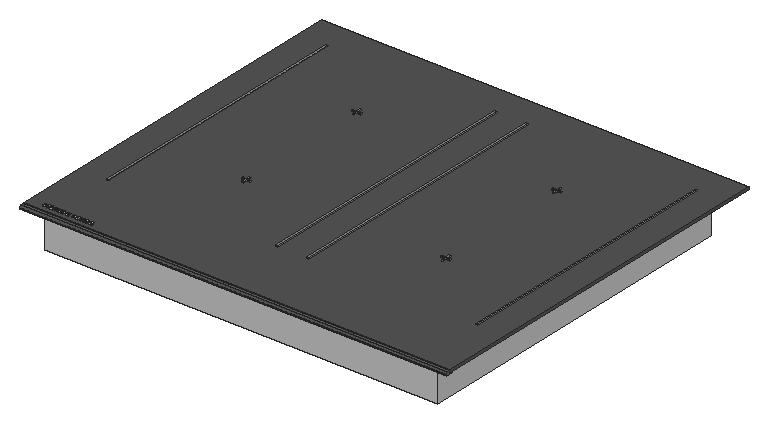
Revit family "FP_Revit_18_CI604DTB4_Cooktop_90000849B", category Specialty Equipment, Revit 2018
Family settings
  Round Connector Dimension = Use Diameter
  Part Type = Normal
  OmniClass Number = 23.40.40.14.17.11
  OmniClass Title = Cookers, Ovens, Stoves
  Work Plane-Based = No
  Always vertical = Yes
  Cut with Voids When Loaded = Yes
  Shared = No
  Room Calculation Point = No
Parameters
  Visibility - Clearance Required = yes
  URL = "www.fisherpaykel.com"
  Product - Width = 599 mm  # constant formula
  Product - Height = 54 mm  # constant formula
  Product - Depth = 530 mm  # constant formula
  Model = "CI604DTB4"
  Material - Trim = Fisher & Paykel - Aluminium, Dark
  Material - Graphics = Fisher & Paykel - Graphics Grey
  Material - Cooktop = Fisher & Paykel - Glass, Black
  Material - Body = Fisher & Paykel - Grey
  Manufacturer = "Fisher & Paykel Appliances"
  FFL Offset [instance] = 900 mm
  Description = "60cm Induction Cooktop"
  Connector Note - Electrical = "220-240 V 2N, 380-415 V 2N, 32 A, 50 Hz"
  Clearance - Side of cooktop to nearest Combustible Surface = 10.5 mm  # constant formula
  Clearance - Rear of cooktop to nearest Combustible Surface = 8 mm  # constant formula
  Clearance - Overhead Rangehood = 650 mm  # constant formula
  Clearance - Below = 65 mm  # constant formula
  Chassis - Width = 552 mm  # constant formula
  Chassis - Height = 49 mm  # constant formula
  Chassis - Depth = 480 mm  # constant formula
  Cavity - Width = 560 mm  # constant formula
  Cavity - Height = 65 mm  # constant formula
  Cavity - Depth = 490 mm  # constant formula
Reference planes
  plane 1 "Datum": y = 0
  plane 2: z = 0
  plane 3 "Center (Left/Right)": x = 0
  plane 4 "Product LHS": x = -299.5
  plane 5 "Product RHS": x = 299.5
  plane 6 "Product - Depth": y = 530
  plane 7 "Cavity LHS": x = -280
  plane 8 "Cavity RHS": x = 280
  plane 9 "Cavity - Depth": y = 498.7
  plane 10 "Chassis Front": y = 13.2
  plane 11 "Chassis - Depth": y = 493.2
  plane 12 "Basepan": z = 851
  plane 13 "Benchtop": z = 900
  plane 14 "Glass": z = 905
  plane 15 "Cavity - Front": y = 8.7
Forms (mm)
  Extrusion 1, solid, material "Fisher & Paykel - Glass, Black" <- "Material - Cooktop"
    sketch origin (0, 0, 0) x (0, 1, 0) y (0, 0, 1)
      loop
        line (5.299, 905) -> (5.299, 901) -> (530, 901) -> (530, 905) -> (5.299, 905)
    from -299.5 to 299.5
  Extrusion 2, solid, material "Fisher & Paykel - Aluminium, Dark" <- "Material - Trim", detail levels fine
    sketch origin (0, 0, 0) x (0, 1, 0) y (0, 0, 1)
      loop
        line (5.299, 905) -> (0.45, 905) -> (0, 901.5) -> (0, 900) -> (8.39, 900) -> (8.39, 901) -> (5.299, 901) -> (5.299, 905)
    from -299.5 to 299.5
  Extrusion 3, solid, material "Fisher & Paykel - Clearance Required (Cutout)", visible <- "Visibility - Clearance Required", detail levels coarse
    sketch origin (0, 24.768, 0) x (1, 0, 0) y (0, 1, 0)
      loop
        line (-280, 473.932) -> (-280, -16.068) -> (280, -16.068) -> (280, 473.932) -> (-280, 473.932)
    from 835 to 900
  Extrusion 4, solid, material "Fisher & Paykel - Aluminium, Dark" <- "Material - Trim", detail levels coarse+medium
    sketch origin (0, 0, 0) x (0, 1, 0) y (0, 0, 1)
      loop
        line (5.299, 905) -> (0, 905) -> (0, 900) -> (5.299, 900) -> (5.299, 905)
    from -299.5 to 299.5
  Extrusion 5, solid, material "Fisher & Paykel - Clearance Required (Combustible)", visible <- "Visibility - Clearance Required", detail levels coarse
    sketch origin (0, 1.5, 0) x (1, 0, 0) y (0, 1, 0)
      loop
        line (-310, -1.5) -> (-299.5, -1.5) -> (-299.5, 528.5) -> (299.5, 528.5) -> (299.5, -1.5) -> (310, -1.5) -> (310, 536.2) -> (-310, 536.2) -> (-310, -1.5)
    from 905 to 1555
  Extrusion 6, solid, material "Fisher & Paykel - Grey" <- "Material - Body"
    sketch origin (0, 0, 0) x (0, 1, 0) y (0, 0, 1)
      loop
        line (493.2, 851) -> (493.2, 900) -> (13.2, 900) -> (13.2, 851) -> (493.2, 851)
    from -276 to 276
  Extrusion 7, solid, material "Fisher & Paykel - Grey" <- "Material - Body"
    sketch origin (-151, 0, 0) x (1, 0, 0) y (0, 1, 0)
      loop
        line (-132, 520.2) -> (-132, 8.39) -> (434, 8.39) -> (434, 520.2) -> (-132, 520.2)
    from 900 to 901
  Extrusion 8, solid, material "Fisher & Paykel - Graphics Grey" <- "Material - Graphics", detail levels fine
    sketch origin (0, 0, 0) x (1, 0, 0) y (0, 1, 0)
      loop
        line (-260.343, 487.587) -> (-260.343, 103.669) -> (-258.143, 103.669) -> (-258.143, 487.587) -> (-260.343, 487.587)
      loop
        line (257.988, 487.856) -> (257.988, 103.669) -> (260.188, 103.669) -> (260.188, 487.856) -> (257.988, 487.856)
      loop
        line (22.728, 103.669) -> (22.728, 487.856) -> (20.728, 487.856) -> (20.728, 103.669) -> (22.728, 103.669)
      loop
        line (-20.643, 487.856) -> (-22.842, 487.856) -> (-22.842, 103.669) -> (-20.643, 103.669) -> (-20.643, 487.856)
      loop
        line (-141.406, 398.249) -> (-141.406, 393.083) -> (-146.572, 393.083) -> (-146.572, 391.115) -> (-141.406, 391.115) -> (-141.406, 385.949) -> (-139.438, 385.949) -> (-139.438, 391.115) -> (-134.272, 391.115) -> (-134.272, 393.083) -> (-139.438, 393.083) -> (-139.438, 398.249) -> (-141.406, 398.249)
      loop
        line (-141.406, 204.234) -> (-141.406, 199.068) -> (-146.572, 199.068) -> (-146.572, 197.1) -> (-141.406, 197.1) -> (-141.406, 191.934) -> (-139.438, 191.934) -> (-139.438, 197.1) -> (-134.272, 197.1) -> (-134.272, 199.068) -> (-139.438, 199.068) -> (-139.438, 204.234) -> (-141.406, 204.234)
      loop
        line (141.406, 398.249) -> (139.438, 398.249) -> (139.438, 393.083) -> (134.272, 393.083) -> (134.272, 391.115) -> (139.438, 391.115) -> (139.438, 385.949) -> (141.406, 385.949) -> (141.406, 391.115) -> (146.572, 391.115) -> (146.572, 393.083) -> (141.406, 393.083) -> (141.406, 398.249)
      loop
        line (141.406, 204.234) -> (139.438, 204.234) -> (139.438, 199.068) -> (134.272, 199.068) -> (134.272, 197.1) -> (139.438, 197.1) -> (139.438, 191.934) -> (141.406, 191.934) -> (141.406, 197.1) -> (146.572, 197.1) -> (146.572, 199.068) -> (141.406, 199.068) -> (141.406, 204.234)
    from 905 to 906
  Extrusion 9, solid, material "Fisher & Paykel - Grey" <- "Material - Body", detail levels fine
    sketch origin (0, 0, 0) x (1, 0, 0) y (0, 1, 0)
      loop
        circle (0, 473.2) r 5
    from 845 to 851
  Extrusion 10, void
    sketch origin (0, 24.768, 0) x (1, 0, 0) y (0, 1, 0)
      loop
        line (-280, 473.932) -> (-280, -16.068) -> (280, -16.068) -> (280, 473.932) -> (-280, 473.932)
    from 835 to 900
  Extrusion 11, solid, material "Fisher & Paykel - Clearance Required (Rangehood)", visible <- "Visibility - Clearance Required", detail levels coarse
    sketch origin (0, 0, 0) x (1, 0, 0) y (0, 1, 0)
      loop
        line (-299.5, 0) -> (299.5, 0) -> (299.5, 530) -> (-299.5, 530) -> (-299.5, 0)
    from 905 to 1555
Text (mm)
  text "Due to ongoing product development, product details are subject to change without notice. \nPlease always refer to www.fisherpaykel.com for the most current product information. \n© Fisher & Paykel 2020" at (41.04, -102.478, 0), in view "Ref. Level (Plan)"
Dimensions and locks
  equal spacing: plane 4 "Product LHS", plane 3 "Center (Left/Right)", plane 5 "Product RHS"
  "Product - Width": plane 4 "Product LHS" to plane 5 "Product RHS"
  equal spacing: plane 7 "Cavity LHS", plane 3 "Center (Left/Right)", plane 8 "Cavity RHS"
  "Cavity - Width": plane 7 "Cavity LHS" to plane 8 "Cavity RHS"
  "Product - Depth": Extrusion 1 to plane 1 "Datum"
  equal spacing: Extrusion 6, plane 3 "Center (Left/Right)", Extrusion 6
  "Chassis - Width": Extrusion 6 to Extrusion 6
  equal spacing: Extrusion 7, plane 3 "Center (Left/Right)", Extrusion 7
  locked: plane 1 "Datum" to plane 10 "Chassis Front" at 13.2
  "Chassis - Depth": plane 11 "Chassis - Depth" to plane 10 "Chassis Front"
  locked: plane 14 "Glass" to plane 13 "Benchtop" at 5
  "Chassis - Height": plane 13 "Benchtop" to plane 12 "Basepan"
  "FFL Offset": plane 13 "Benchtop" to level
  locked: plane 14 "Glass" to Extrusion 1 sketch curve at 4
  "Clearance - Below": plane 13 "Benchtop" to Extrusion 3
  locked: plane 13 "Benchtop" to Extrusion 9 at 55
  locked: Extrusion 8 to plane 14 "Glass" at 1
  locked: nested 1 to plane 14 "Glass" at 0.8
  "Clearance - Overhead Rangehood": Extrusion 5 to plane 14 "Glass"
  locked: plane 1 "Datum" to plane 15 "Cavity - Front" at 8.7
  "Cavity - Depth": plane 9 "Cavity - Depth" to plane 15 "Cavity - Front"
  Extrusion 5 to plane 6 "Product - Depth" = 7.7 mm
  "Clearance - Side of cooktop to nearest Combustible Surface": Extrusion 5 to plane 4 "Product LHS"
  "Clearance - Side of cooktop to nearest Combustible Surface": plane 5 "Product RHS" to Extrusion 5
  aligned and locked: level to plane 2
  aligned and locked: Extrusion 1 to plane 5 "Product RHS"
  aligned and locked: plane 4 "Product LHS" to Extrusion 1
  aligned and locked: Extrusion 2 to plane 5 "Product RHS"
  aligned and locked: plane 4 "Product LHS" to Extrusion 4
  aligned and locked: Extrusion 4 to plane 5 "Product RHS"
  aligned and locked: plane 9 "Cavity - Depth" to Extrusion 3
  aligned and locked: plane 4 "Product LHS" to Extrusion 2
  aligned and locked: plane 11 "Chassis - Depth" to Extrusion 6
  aligned and locked: Extrusion 6 to Extrusion 7
  aligned and locked: Extrusion 9 to Extrusion 6
  aligned and locked: plane 13 "Benchtop" to Extrusion 6
  aligned and locked: Extrusion 6 to plane 12 "Basepan"
  aligned and locked: Extrusion 3 to Extrusion 6
  aligned and locked: Extrusion 5 to plane 14 "Glass"
  aligned and locked: Extrusion 1 sketch curve to plane 14 "Glass"
  aligned and locked: Extrusion 7 to Extrusion 1
  aligned and locked: Extrusion 8 to Extrusion 1
  aligned and locked: Extrusion 1 to Extrusion 4
  aligned and locked: Extrusion 4 to Extrusion 2
  aligned and locked: Extrusion 2 to Extrusion 1
  aligned and locked: Extrusion 1 to Extrusion 2
  aligned and locked: Extrusion 2 to Extrusion 3
  aligned and locked: Extrusion 3 to Extrusion 10
  aligned and locked: Extrusion 10 to Extrusion 3
  aligned and locked: Extrusion 10 to plane 15 "Cavity - Front"
  aligned and locked: Extrusion 3 to plane 15 "Cavity - Front"
  aligned and locked: Extrusion 11 sketch curve to Extrusion 2
  aligned and locked: Extrusion 11 sketch curve to Extrusion 5  (x2)
  aligned and locked: Extrusion 11 sketch curve to Extrusion 1
  aligned and locked: Extrusion 11 to plane 14 "Glass"
  aligned and locked: Extrusion 5 to Extrusion 11
Automatic sketch dimensions
  Extrusion 1 sketch curve to plane 6 "Product - Depth" = 0 mm
  Extrusion 2 sketch curve to plane 1 "Datum" = 0 mm
  Extrusion 2 sketch curve to plane 14 "Glass" = 0 mm
  Extrusion 2 sketch curve to plane 13 "Benchtop" = 0 mm
  Extrusion 2 sketch curve to plane 1 "Datum" = 0.45 mm
  plane 13 "Benchtop" to Extrusion 2 sketch curve = 1 mm
  plane 13 "Benchtop" to Extrusion 2 sketch curve = 1.5 mm
  plane 9 "Cavity - Depth" to Extrusion 3 sketch curve = 0 mm
  plane 7 "Cavity LHS" to Extrusion 3 sketch curve = 0 mm
  Extrusion 3 sketch curve to plane 8 "Cavity RHS" = 0 mm
  Extrusion 4 sketch curve to plane 1 "Datum" = 0 mm
  Extrusion 4 sketch curve to plane 13 "Benchtop" = 0 mm
  Extrusion 4 sketch curve to plane 14 "Glass" = 0 mm
  Extrusion 6 sketch curve to plane 10 "Chassis Front" = 0 mm
  Extrusion 6 sketch curve to plane 11 "Chassis - Depth" = 0 mm
  Extrusion 6 sketch curve to plane 12 "Basepan" = 0 mm
  Extrusion 6 sketch curve to plane 13 "Benchtop" = 0 mm
  plane 7 "Cavity LHS" to Extrusion 7 sketch curve = 3 mm
  Extrusion 7 sketch curve to plane 8 "Cavity RHS" = 3 mm
  Extrusion 7 sketch curve to plane 6 "Product - Depth" = 9.8 mm
  Extrusion 8 sketch curve to plane 7 "Cavity LHS" = 19.657 mm
  Extrusion 8 sketch curve to Extrusion 8 sketch curve = 2.2 mm  (x3)
  Extrusion 8 sketch curve to plane 7 "Cavity LHS" = 133.428 mm  (x2)
  Extrusion 8 sketch curve to Extrusion 8 sketch curve = 5.166 mm  (x16)
  Extrusion 8 sketch curve to Extrusion 8 sketch curve = 0 mm  (x10)
  Extrusion 8 sketch curve to Extrusion 8 sketch curve = 1.968 mm  (x15)
  Extrusion 8 sketch curve to plane 11 "Chassis - Depth" = 5.344 mm  (x3)
  Extrusion 8 sketch curve to plane 3 "Center (Left/Right)" = 22.842 mm
  plane 3 "Center (Left/Right)" to Extrusion 8 sketch curve = 20.728 mm
  Extrusion 8 sketch curve to Extrusion 8 sketch curve = 2 mm
  plane 3 "Center (Left/Right)" to Extrusion 8 sketch curve = 134.272 mm  (x2)
  plane 8 "Cavity RHS" to Extrusion 8 sketch curve = 22.012 mm
  Extrusion 8 sketch curve to plane 11 "Chassis - Depth" = 5.613 mm
  Extrusion 8 sketch curve to plane 11 "Chassis - Depth" = 94.951 mm  (x2)
  Extrusion 8 sketch curve to Extrusion 8 sketch curve = 181.715 mm  (x2)
  plane 10 "Chassis Front" to Extrusion 8 sketch curve = 90.469 mm  (x3)
  Extrusion 9 sketch curve to plane 3 "Center (Left/Right)" = 0 mm
  Extrusion 9 sketch curve to plane 11 "Chassis - Depth" = 20 mm
  plane 9 "Cavity - Depth" to Extrusion 10 sketch curve = 0 mm
  plane 7 "Cavity LHS" to Extrusion 10 sketch curve = 0 mm
  Extrusion 10 sketch curve to plane 8 "Cavity RHS" = 0 mm
  Extrusion 1 sketch curve to plane 1 "Datum" = 5.299 mm
  Extrusion 2 sketch curve to Extrusion 2 sketch curve = 4.85 mm
  Extrusion 2 sketch curve to Extrusion 2 sketch curve = 3.09 mm
  Extrusion 3 sketch curve to plane 10 "Chassis Front" = 4.5 mm
  Extrusion 4 sketch curve to plane 1 "Datum" = 5.299 mm
  Extrusion 7 sketch curve to plane 10 "Chassis Front" = 4.811 mm
  Extrusion 10 sketch curve to plane 10 "Chassis Front" = 4.5 mm
  Extrusion 5 sketch curve to plane 4 "Product LHS" = 0 mm
  Extrusion 5 sketch curve to plane 5 "Product RHS" = 0 mm
  plane 6 "Product - Depth" to Extrusion 5 sketch curve = 0 mm
  Extrusion 5 sketch curve to plane 1 "Datum" = 0 mm  (x2)
  plane 4 "Product LHS" to Extrusion 5 sketch curve = 10.5 mm
  Extrusion 5 sketch curve to plane 5 "Product RHS" = 10.5 mm
  plane 6 "Product - Depth" to Extrusion 5 sketch curve = 7.7 mm
  radius of Extrusion 9 sketch curve = 5 mm
Nested families
  nested 1: "F&P Logo 70mm Horizontal" at (-244.001, 14.253, 905), type "F&P Logo 70mm Horizontal"
Connectors
  electrical at (0, 473.2, 845), driven by "Connector Note - Electrical"
    settings: on Extrusion 9, index 1, voltage 230 V, apparent load 0 VA, apparent load phase1 0 VA, apparent load phase2 0 VA, apparent load phase3 0 VA, power factor 1, load classification "Other", number of poles 1, system type 30, power factor state 1, is connector primary yes, connector utility no, sub classification motor no, connector description "220-240 V 2N, 380-415 V 2N, 32 A, 50 Hz"
Definition of nested family "F&P Logo 70mm Horizontal"
  Parameters (values of type "F&P Logo 70mm Horizontal")
    URL = "www.fisherpaykel.com"
    Material - Logo = none
    Manufacturer = "Fisher & Paykel Appliances"
  Reference planes
    plane 1 "Center (Front/Back)": y = 0
    plane 2: z = 0
    plane 3 "Center (Left/Right)": x = 0
  Forms (mm)
    Extrusion 1, solid, material <- "Material - Logo", detail levels fine
      sketch origin (0, 0, 0) x (1, 0, 0) y (0, 1, 0)
        loop
          line (-34.997, -0.356) -> (-33.895, -0.356) -> (-33.895, 1.141) -> (-32.174, 1.141) -> (-32.174, 2.075) -> (-33.895, 2.075) -> (-33.895, 2.943) -> (-32.023, 2.943) -> (-32.023, 3.872) -> (-34.997, 3.872) -> (-34.997, -0.356)
        loop
          line (-29.929, 3.872) -> (-29.929, -0.356) -> (-28.828, -0.356) -> (-28.828, 3.872) -> (-29.929, 3.872)
        loop
          line (-21.473, 3.872) -> (-21.473, -0.356) -> (-20.372, -0.356) -> (-20.372, 1.338) -> (-18.754, 1.338) -> (-18.754, -0.356) -> (-17.652, -0.356) -> (-17.652, 3.872) -> (-18.754, 3.872) -> (-18.754, 2.268) -> (-20.372, 2.268) -> (-20.372, 3.872) -> (-21.473, 3.872)
        loop
          line (-15.301, 3.872) -> (-15.301, -0.356) -> (-12.288, -0.356) -> (-12.288, 0.444) -> (-14.209, 0.444) -> (-14.209, 1.338) -> (-12.453, 1.338) -> (-12.453, 2.268) -> (-14.209, 2.268) -> (-14.209, 3.072) -> (-12.288, 3.072) -> (-12.288, 3.872) -> (-15.301, 3.872)
        loop
          line (32, 3.872) -> (32, -0.356) -> (35.003, -0.356) -> (35.003, 0.574) -> (33.102, 0.574) -> (33.102, 3.872) -> (32, 3.872)
        loop
          line (29.735, 3.872) -> (26.712, 3.872) -> (26.712, -0.356) -> (29.735, -0.356) -> (29.735, 0.444) -> (27.814, 0.444) -> (27.814, 1.338) -> (29.57, 1.338) -> (29.57, 2.268) -> (27.814, 2.268) -> (27.814, 3.072) -> (29.735, 3.072) -> (29.735, 3.872)
        loop
          line (23.449, 1.848) -> (25.012, 3.872) -> (23.724, 3.872) -> (22.374, 2.124) -> (22.374, 3.872) -> (21.273, 3.872) -> (21.273, -0.356) -> (22.374, -0.356) -> (22.374, 1.538) -> (23.765, -0.356) -> (25.067, -0.356) -> (23.449, 1.848)
        loop
          line (15.42, 3.872) -> (17.017, 1.338) -> (17.017, -0.356) -> (18.119, -0.356) -> (18.119, 1.283) -> (19.717, 3.872) -> (18.546, 3.872) -> (17.603, 2.239) -> (16.66, 3.872) -> (15.42, 3.872)
        loop
          line (12.969, 3.872) -> (11.922, 3.872) -> (10.2, -0.356) -> (11.282, -0.356) -> (11.585, 0.422) -> (13.278, 0.422) -> (13.581, -0.356) -> (14.69, -0.356) -> (12.969, 3.872)
        loop
          line (12.913, 1.352) -> (12.419, 2.566) -> (11.946, 1.352) -> (12.913, 1.352)
        loop
          line (5.556, 3.872) -> (5.556, -0.356) -> (6.653, -0.356) -> (6.653, 1.001) -> (7.453, 1.001)
          spline (7.453, 1.001) -> (7.884, 1.05) -> (8.285, 1.193) -> (8.63, 1.421) -> (8.895, 1.719) -> (9.061, 2.065) -> (9.118, 2.436) -> (9.061, 2.808) -> (8.895, 3.154) -> (8.63, 3.452) -> (8.285, 3.68) -> (7.884, 3.823) -> (7.453, 3.872)
          line (7.453, 3.872) -> (5.556, 3.872)
        loop
          spline (7.385, 1.882) -> (7.558, 1.9) -> (7.72, 1.953) -> (7.858, 2.037) -> (7.965, 2.147) -> (8.032, 2.275) -> (8.055, 2.412) -> (8.032, 2.55) -> (7.965, 2.677) -> (7.858, 2.787) -> (7.72, 2.872) -> (7.558, 2.924) -> (7.385, 2.943)
          line (7.385, 2.943) -> (6.585, 2.943) -> (6.585, 1.882) -> (7.385, 1.882)
        loop
          line (-8.294, 2.943) -> (-9.094, 2.943) -> (-9.094, 1.781) -> (-8.294, 1.781)
          spline (-8.294, 1.781) -> (-8.121, 1.801) -> (-7.96, 1.859) -> (-7.822, 1.951) -> (-7.716, 2.072) -> (-7.649, 2.212) -> (-7.626, 2.362) -> (-7.649, 2.512) -> (-7.716, 2.652) -> (-7.822, 2.772) -> (-7.96, 2.865) -> (-8.121, 2.923) -> (-8.294, 2.943)
        loop
          line (-8.214, 3.872) -> (-10.262, 3.872) -> (-10.262, -0.356) -> (-9.094, -0.356) -> (-9.094, 0.492) -> (-8.294, 0.492) -> (-7.647, -0.356) -> (-6.373, -0.356) -> (-7.445, 1.016)
          spline (-7.445, 1.016) -> (-7.148, 1.205) -> (-6.902, 1.45) -> (-6.72, 1.739) -> (-6.611, 2.058) -> (-6.58, 2.391) -> (-6.628, 2.723) -> (-6.754, 3.037) -> (-6.95, 3.317) -> (-7.208, 3.551) -> (-7.515, 3.726) -> (-7.856, 3.835) -> (-8.214, 3.872)
        loop
          line (0.368, 2.943) -> (0.368, 3.951) -> (-2.559, 3.951) -> (-2.559, 3.151) -> (-2.048, 2.522)
          spline (-2.048, 2.522) -> (-2.373, 2.187) -> (-2.606, 1.789) -> (-2.731, 1.355) -> (-2.74, 0.914) -> (-2.632, 0.497) -> (-2.414, 0.133) -> (-2.102, -0.155) -> (-1.716, -0.347) -> (-1.283, -0.429) -> (-0.832, -0.395) -> (-0.395, -0.249) -> (0, 0)
          line (0, 0) -> (0.504, -0.621) -> (1.644, -0.621) -> (0.602, 0.712) -> (1.591, 2.137) -> (0.459, 2.137) -> (0.003, 1.48) -> (-1.14, 2.943) -> (0.368, 2.943)
        loop
          spline (-1.353, 1.874) -> (-1.563, 1.673) -> (-1.729, 1.449) -> (-1.839, 1.217) -> (-1.886, 0.992) -> (-1.867, 0.792) -> (-1.783, 0.627) -> (-1.639, 0.511) -> (-1.447, 0.451) -> (-1.218, 0.451) -> (-0.968, 0.512) -> (-0.714, 0.628) -> (-0.475, 0.792)
          line (-0.475, 0.792) -> (-1.353, 1.874)
        loop
          arc (-25.449, 3.004) -> (-24.591, 2.949) -> (-23.808, 2.592) r 2.379
          line (-23.808, 2.592) -> (-23.808, 3.586)
          arc (-23.808, 3.586) -> (-24.619, 3.915) -> (-25.494, 3.936) r 2.437
          arc (-25.494, 3.936) -> (-26.617, 2.99) -> (-26.18, 1.588) r 1.327
          arc (-26.18, 1.588) -> (-25.746, 1.367) -> (-25.276, 1.236) r 2.46
          spline (-25.276, 1.236) -> (-25.124, 1.211) -> (-24.98, 1.158) -> (-24.856, 1.083) -> (-24.761, 0.989) -> (-24.703, 0.886) -> (-24.686, 0.78) -> (-24.713, 0.681) -> (-24.78, 0.596) -> (-24.882, 0.532) -> (-25.011, 0.494) -> (-25.158, 0.485) -> (-25.311, 0.505)
          arc (-25.311, 0.505) -> (-26.045, 0.647) -> (-26.714, 0.98) r 2.761
          line (-26.714, 0.98) -> (-26.714, -0.067)
          arc (-26.714, -0.067) -> (-25.66, -0.377) -> (-24.564, -0.318) r 3.237
          arc (-24.564, -0.318) -> (-23.597, 0.72) -> (-24.205, 2.002) r 1.263
          arc (-24.205, 2.002) -> (-24.834, 2.249) -> (-25.488, 2.42) r 5.78
          spline (-25.488, 2.42) -> (-25.537, 2.449) -> (-25.58, 2.49) -> (-25.615, 2.541) -> (-25.639, 2.6) -> (-25.653, 2.664) -> (-25.654, 2.73) -> (-25.644, 2.795) -> (-25.622, 2.856) -> (-25.59, 2.909) -> (-25.549, 2.953) -> (-25.502, 2.985) -> (-25.449, 3.004)
      from 0 to 0.8
  Dimensions and locks
    Extrusion 1 sketch curve to Extrusion 1 sketch curve = 70 mm
    aligned and locked: level to plane 2
